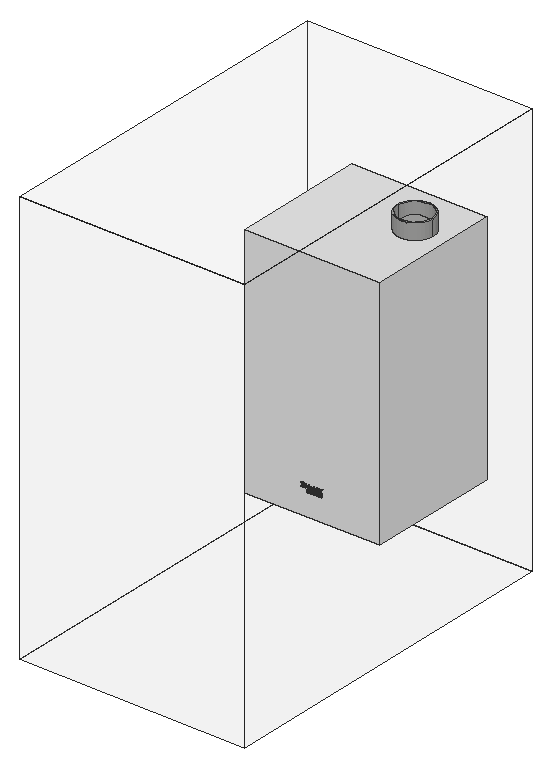
Revit family "Quinta Ace 135kW LOD 3", category Mechanical Equipment, Revit 2020
Family settings
  Round Connector Dimension = Use Radius
  Part Type = Normal
  OmniClass Number = 23.75.10.11.14.14
  OmniClass Title = Condensing Boilers
  Work Plane-Based = No
  Always vertical = Yes
  Cut with Voids When Loaded = No
  Shared = No
  Room Calculation Point = No
Parameters (values of type "135kW")
  Weekly = "0"
  Water Treatment Required = yes
  Water Content = 17.0 L
  Warranty ID = ""
  Voltage = 230 V
  Uniclass2015 = "Pr_60_60_08"
  URL = ""
  Type = "Space heating"
  Turndown Ratio = "5:1"
  Supply Phase = 1
  Starting Current = 0 A
  Sound Pressure Level = "59.5 dBA"
  Shipping Weight = 0.00 kg
  Shape = "Rectangular (Vertical)"
  Safety Valve Connection Type = ""
  Safety Valve Connection Size = 0 mm
  Responsible Sourcing of Materials = "N/A"
  Responsible Extraction of Materials = "N/A"
  Reference Standard = "EU/2016/426 GAR, EN 15502-1, EN 15502-2"
  Rated Output = 136100 W
  Rated Criteria = "50/30"
  Quarterly = "0"
  Product Range = "Quinta Ace 135"
  Product Model Number = "7780036"
  Product Literature = "https://www.remeha.co.uk/product-documents/current-literature"
  Primary Fuel = "Gas - NG"
  Overall Width = 600 mm
  Overall Length = 602 mm
  Overall Height = 1045 mm
  Optional Fuel = "Gas - LPG"
  Operation and Maintenance Manual = "https://www.remeha.co.uk/product-documents/current-literature"
  Oil Consumption rate = 0
  Nominal Oil Inlet Pressure = 0.0 bar
  Nominal Gas Inlet Pressure = 0.017 bar
  NOx Emissions = "24 mg/kWh"
  Mounting = "Wall Mounted"
  Monthly = "0"
  Model = ""
  Minimum Power Consumption = 5.3 W
  Minimum Operating Pressure = 0.8 bar
  Minimum Oil Inlet Pressure = 0.0 bar
  Minimum Gas Inlet Pressure = 0.017 bar
  Minimum Flow Rate at 20C temperature differential = 1.53 L/s
  Minimum Flow Rate at 11C temperature differential = 0.0 L/s
  Maximum Power Consumption = 199 W
  Maximum Operating Pressure = 4.0 bar
  Maximum Oil Inlet Pressure = 0.0 bar
  Maximum Gas Inlet Pressure = 0.025 bar
  Material Ingredient Reporting = "N/A"
  Manufacturer Website = "https://www.remeha.co.uk/"
  Manufacturer = "Remeha Commercial"
  Maintenance Required 8001 to 12000hrs = "0"
  Maintenance Required 601 to 1000hrs = "0"
  Maintenance Required 4001 to 8000hrs = "0"
  Maintenance Required 301 to 600hrs = "0"
  Maintenance Required 2001 to 4000hrs = "0"
  Maintenance Required 1001 to 2000hrs = "0"
  Maintenance Required 0 to 300hrs = "0"
  Location of Manufacturer = "N/A"
  Life Cycle Analysis = "N/A"
  Interlocks = yes
  IfcExportType = "NOTDEFINED"  # constant formula
  IfcExportAs = "IfcBoilerType"  # constant formula
  IP Rating = "X1B"
  IK Rating = "0"
  Hydraulic Resistance at 20C temperature differential = 0.17 bar
  Hydraulic Resistance at 11C temperature differential = 0.0 bar
  Heater Operation = "Condensing"
  Heat Exchanger Material = "Aluminium"
  Gross Weight = 164.00 kg
  Green Guide for Specification = "N/A"
  Gas Consumption rate = "13.9 m3/h"
  Fuse Rating = 6.3 A
  Full Load Current = 0 A
  Fuel Connection Type = "Threaded"
  Fuel Connection Size = 25 mm
  Frequency = 50 Hz
  Flue or Air Intake Classification = "B23p, C13, C33, C53"
  Flue Connection size = 100 mm
  Flow and Return Connection Type = "Threaded"
  Flow and Return Connection Size = 32 mm
  Finish = "High Polish Gardner 60 GRAD 91EH"
  Features = "The Quinta Ace range is a market leading series of versatile, wall hung condensing boilers designed for space heating and hot water production"
  External Material = "Steel"
  Expected Life = "15"
  ErP Seasonal Efficiency = "0 %"
  ErP Rated Efficiency at Part Load = "98.02 %"
  ErP Rated Efficiency at Full Load = "93.60 %"
  ErP Energy Label = "0"
  Environmental Product Declaration = "N/A"
  Energy Technology List = ""
  Embodied Carbon = "N/A"
  Drain Connection Type = ""
  Drain Connection Size = 0 mm
  Description = ""
  Default Elevation = 0 mm
  Daily = "0"
  Control Type = "0 - 10V, Open Therm, Volt free enable, Direct boiler weather compensating control systems available from Remeha as optional extra's."
  Configuration = "Single boiler"
  Condensate Drain Type = "Plain"
  Condensate Drain Size = 32 mm
  Colour = "RAL 9016"
  Clearance Box Visibility [instance] = yes
  CE Mark = "0063CQ3781"
  Burner Control Type = "Modulating"
  Building Regulations Seasonal Efficiency = "97.18 %"
  Bespoke Timeframe = "0"
  BMS Links = yes
  Annually = "06-02"
  Air Inlet Connection Size = 150 mm
  Additional Technical Details = "Not Available"
  Access Clearance Top = 500 mm
  Access Clearance Right = 30 mm
  Access Clearance Rear = 0 mm
  Access Clearance Left = 30 mm
  Access Clearance Front = 1000 mm
  Access Clearance Bottom = 300 mm
  6 Monthly = "06-02"
Reference planes
  plane 1 "Center (Front/Back)": y = 0
  plane 2: z = 0
  plane 3 "Center (Left/Right)": x = 0
  plane 4: y = -602
  plane 5: x = -300
  plane 6: x = 300
  plane 7 "TOP": z = 1045
  plane 8: y = -226
  plane 9: z = 100
  plane 10: y = -80
  plane 11: x = 190
  plane 12: x = 60
  plane 13: x = -125
  plane 14: z = -40
  plane 15: x = 0
  plane 16: z = 1545
Forms (mm)
  Extrusion 1, solid, material "Color RGB 246-246-246"
    sketch origin (0, 0, 0) x (1, 0, 0) y (0, 1, 0)
      loop
        line (-300, -5) -> (-300, -602) -> (300, -602) -> (300, -5) -> (-300, -5)
    from 0 to 1045
  Extrusion 2, solid, material "Color RAL 9004"
    sketch origin (0, 0, 5) x (1, 0, 0) y (0, 0, 1)
      loop
        line (-46.416, 127.175) -> (-46.416, 125.659) -> (46.416, 125.659) -> (46.416, 127.175) -> (-46.416, 127.175)
      loop
        line (-46.416, 108.987) -> (46.416, 108.987) -> (46.416, 110.503) -> (-46.416, 110.503) -> (-46.416, 108.987)
      loop
        line (-42.903, 123.33) -> (-42.903, 112.123) -> (-31.533, 112.123) -> (-31.533, 116.521) -> (-28.877, 116.521)
        arc (-28.877, 116.521) -> (-27.757, 116.01) -> (-27.407, 114.83) r 1.484
        arc (-27.407, 114.83) -> (-27.407, 113.45) -> (-27.027, 112.123) r 4.959
        line (-27.027, 112.123) -> (-24.82, 112.123)
        arc (-24.82, 112.123) -> (-25.1, 113.72) -> (-25.186, 115.339) r 13.512
        arc (-25.186, 115.339) -> (-25.591, 116.649) -> (-26.676, 117.488) r 2.274
        arc (-26.676, 117.488) -> (-24.74, 120.841) -> (-27.706, 123.33) r 3.011
        line (-27.706, 123.33) -> (-31.533, 123.33) -> (-42.903, 123.33)
      loop
        line (-31.533, 121.399) -> (-31.533, 118.337) -> (-28.473, 118.337)
        arc (-28.473, 118.337) -> (-27.841, 118.567) -> (-27.505, 119.149) r 0.983
        arc (-27.505, 119.149) -> (-27.331, 119.919) -> (-27.523, 120.684) r 1.703
        arc (-27.523, 120.684) -> (-28.046, 121.207) -> (-28.761, 121.399) r 1.43
        line (-28.761, 121.399) -> (-31.533, 121.399)
      loop
        line (-40.843, 121.399) -> (-40.843, 114.205) -> (-33.65, 114.205) -> (-33.65, 121.399) -> (-40.843, 121.399)
      loop
        line (-13.743, 120.416) -> (-15.868, 120.416) -> (-15.868, 112.123) -> (-13.577, 112.123) -> (-13.577, 116.58)
        arc (-13.577, 116.58) -> (-13.157, 117.792) -> (-12.076, 118.483) r 1.957
        arc (-12.076, 118.483) -> (-11.303, 118.511) -> (-10.58, 118.237) r 1.957
        line (-10.58, 118.237) -> (-10.58, 120.621)
        arc (-10.58, 120.621) -> (-12.467, 120.369) -> (-13.743, 118.956) r 2.762
        line (-13.743, 118.956) -> (-13.743, 120.416)
      loop
        line (-7.789, 115.795) -> (-1.936, 115.795)
        arc (-1.936, 115.795) -> (-6.013, 120.608) -> (-9.946, 115.677) r 4.082
        arc (-9.946, 115.677) -> (-6.411, 111.987) -> (-2.113, 114.751) r 4.018
        line (-2.113, 114.751) -> (-4.098, 114.751)
        arc (-4.098, 114.751) -> (-6.402, 113.655) -> (-7.789, 115.795) r 1.935
      loop
        line (-7.801, 117.183) -> (-4.102, 117.183)
        arc (-4.102, 117.183) -> (-5.952, 119.032) -> (-7.801, 117.183) r 1.85
      loop
        line (2.027, 119.255) -> (2.027, 120.45) -> (-0.1, 120.45) -> (-0.1, 112.285) -> (2.116, 112.285) -> (2.116, 117.483)
        arc (2.116, 117.483) -> (3.572, 118.94) -> (5.029, 117.483) r 1.456
        line (5.029, 117.483) -> (5.029, 112.285) -> (7.246, 112.285) -> (7.246, 117.483)
        arc (7.246, 117.483) -> (8.674, 118.911) -> (10.101, 117.483) r 1.428
        line (10.101, 117.483) -> (10.101, 112.285) -> (12.287, 112.285) -> (12.287, 117.644)
        arc (12.287, 117.644) -> (12.323, 118.52) -> (11.989, 119.331) r 2.045
        arc (11.989, 119.331) -> (9.434, 120.668) -> (6.878, 119.331) r 3.111
        arc (6.878, 119.331) -> (4.43, 120.693) -> (2.027, 119.255) r 2.802
      loop
        line (16.422, 115.795) -> (22.276, 115.795)
        arc (22.276, 115.795) -> (18.199, 120.608) -> (14.266, 115.677) r 4.082
        arc (14.266, 115.677) -> (17.8, 111.987) -> (22.098, 114.751) r 4.018
        line (22.098, 114.751) -> (20.113, 114.751)
        arc (20.113, 114.751) -> (17.81, 113.655) -> (16.422, 115.795) r 1.935
      loop
        line (16.41, 117.183) -> (20.11, 117.183)
        arc (20.11, 117.183) -> (18.26, 119.032) -> (16.41, 117.183) r 1.85
      loop
        line (26.317, 123.525) -> (23.979, 123.525) -> (23.979, 112.327) -> (26.317, 112.327) -> (26.317, 117.183)
        arc (26.317, 117.183) -> (27.866, 119.09) -> (29.415, 117.183) r 1.583
        line (29.415, 117.183) -> (29.415, 112.327) -> (31.727, 112.327) -> (31.727, 117.881)
        arc (31.727, 117.881) -> (29.578, 120.682) -> (26.317, 119.331) r 2.9
        line (26.317, 119.331) -> (26.317, 123.525)
      loop
        line (33.711, 117.9) -> (35.954, 117.9)
        arc (35.954, 117.9) -> (36.198, 118.629) -> (36.846, 119.042) r 1.152
        arc (36.846, 119.042) -> (37.559, 119.157) -> (38.277, 119.073) r 2.636
        arc (38.277, 119.073) -> (38.91, 118.326) -> (38.417, 117.481) r 0.848
        arc (38.417, 117.481) -> (37.264, 117.112) -> (36.057, 117.022) r 5.146
        arc (36.057, 117.022) -> (34.875, 116.787) -> (33.935, 116.033) r 2.534
        arc (33.935, 116.033) -> (33.415, 114.355) -> (34.112, 112.742) r 2.534
        arc (34.112, 112.742) -> (35.55, 112.168) -> (37.098, 112.144) r 4.27
        arc (37.098, 112.144) -> (38.234, 112.523) -> (38.91, 113.51) r 1.879
        arc (38.91, 113.51) -> (38.985, 112.9) -> (39.165, 112.312) r 3.528
        line (39.165, 112.312) -> (41.395, 112.312)
        arc (41.395, 112.312) -> (41.147, 113.134) -> (41.063, 113.988) r 4.397
        line (41.063, 113.988) -> (41.063, 118.62)
        arc (41.063, 118.62) -> (40.522, 119.926) -> (39.215, 120.467) r 1.847
        arc (39.215, 120.467) -> (37.546, 120.653) -> (35.877, 120.467) r 7.57
        arc (35.877, 120.467) -> (34.364, 119.547) -> (33.711, 117.9) r 2.784
      loop
        arc (35.732, 115.074) -> (35.743, 114.342) -> (36.205, 113.774) r 1.116
        arc (36.205, 113.774) -> (36.963, 113.597) -> (37.732, 113.722) r 2.007
        arc (37.732, 113.722) -> (38.547, 114.355) -> (38.856, 115.34) r 1.727
        line (38.856, 115.34) -> (38.856, 116.532)
        arc (38.856, 116.532) -> (38.208, 116.031) -> (37.394, 115.941) r 1.515
        arc (37.394, 115.941) -> (36.418, 115.785) -> (35.732, 115.074) r 1.56
      loop
        arc (-21.071, 103.203) -> (-21.896, 102.861) -> (-22.238, 102.036) r 1.166
        line (-22.238, 102.036) -> (-22.238, 96.791)
        arc (-22.238, 96.791) -> (-21.896, 95.966) -> (-21.071, 95.624) r 1.166
        line (-21.071, 95.624) -> (-16.378, 95.624) -> (-15.322, 93.704) -> (-13.784, 94.55) -> (-14.549, 95.941) -> (-14.549, 102.036)
        arc (-14.549, 102.036) -> (-14.89, 102.861) -> (-15.715, 103.203) r 1.166
        line (-15.715, 103.203) -> (-21.071, 103.203)
      loop
        arc (-19.678, 101.897) -> (-20.503, 101.555) -> (-20.844, 100.731) r 1.166
        line (-20.844, 100.731) -> (-20.844, 98.199)
        arc (-20.844, 98.199) -> (-20.503, 97.374) -> (-19.678, 97.032) r 1.166
        line (-19.678, 97.032) -> (-17.147, 97.032)
        arc (-17.147, 97.032) -> (-16.322, 97.374) -> (-15.981, 98.198) r 1.166
        line (-15.981, 98.198) -> (-15.981, 100.731)
        arc (-15.981, 100.731) -> (-16.322, 101.555) -> (-17.147, 101.897) r 1.166
        line (-17.147, 101.897) -> (-19.678, 101.897)
      loop
        arc (-13.898, 96.791) -> (-13.556, 95.966) -> (-12.731, 95.624) r 1.166
        line (-12.731, 95.624) -> (-6.758, 95.624)
        arc (-6.758, 95.624) -> (-5.933, 95.966) -> (-5.592, 96.791) r 1.166
        line (-5.592, 96.791) -> (-5.592, 103.203) -> (-7.393, 103.203) -> (-7.393, 98.198)
        arc (-7.393, 98.198) -> (-7.735, 97.374) -> (-8.559, 97.032) r 1.166
        line (-8.559, 97.032) -> (-10.93, 97.032)
        arc (-10.93, 97.032) -> (-11.755, 97.374) -> (-12.097, 98.199) r 1.166
        line (-12.097, 98.199) -> (-12.097, 103.203) -> (-13.898, 103.203) -> (-13.898, 96.791)
      loop
        line (-0.567, 102.931) -> (-0.567, 95.941) -> (1.033, 95.941) -> (1.033, 101.182) -> (3.477, 95.941) -> (5.842, 95.941) -> (5.842, 102.931) -> (4.241, 102.931) -> (4.241, 97.69) -> (1.797, 102.931) -> (-0.567, 102.931)
      loop
        line (11.722, 101.262) -> (14.501, 101.262) -> (14.501, 102.931) -> (7.191, 102.931) -> (7.191, 101.262) -> (9.97, 101.262) -> (9.97, 95.941) -> (11.722, 95.941) -> (11.722, 101.262)
      loop
        line (17.463, 102.931) -> (13.679, 95.941) -> (16.034, 95.941) -> (16.793, 97.374) -> (20.952, 97.374) -> (21.711, 95.941) -> (24.261, 95.941) -> (20.254, 102.931) -> (17.463, 102.931)
      loop
        line (18.854, 101.309) -> (17.502, 98.684) -> (20.244, 98.684) -> (18.854, 101.309)
      loop
        line (-2.215, 103.203) -> (-4.016, 103.203) -> (-4.016, 95.624) -> (-2.215, 95.624) -> (-2.215, 103.203)
      loop
        line (30.466, 102.198) -> (27.184, 96.136) -> (29.227, 96.136) -> (30.008, 97.654) -> (32.667, 97.654) -> (33.449, 96.136) -> (35.419, 96.136) -> (32.21, 102.198) -> (30.466, 102.198)
      loop
        line (31.338, 100.792) -> (30.253, 98.684) -> (32.454, 98.684) -> (31.338, 100.792)
      loop
        line (39.995, 100.465) -> (39.995, 102.198) -> (38.262, 102.198)
        arc (38.262, 102.198) -> (35.231, 99.167) -> (38.262, 96.136) r 3.031
        line (38.262, 96.136) -> (39.995, 96.136) -> (39.995, 97.869) -> (38.245, 97.869)
        arc (38.245, 97.869) -> (36.947, 99.167) -> (38.245, 100.465) r 1.298
        line (38.245, 100.465) -> (39.995, 100.465)
      loop
        line (41.615, 102.198) -> (41.615, 96.136) -> (44.647, 96.136) -> (44.647, 97.348) -> (42.828, 97.348) -> (42.828, 98.561) -> (44.647, 98.561) -> (44.647, 99.773) -> (42.828, 99.773) -> (42.828, 100.986) -> (44.647, 100.986) -> (44.647, 102.198) -> (41.615, 102.198)
    from 600.389 to 603.257
  Extrusion 3, solid, material "Color RGB 127-118-121"
    sketch origin (0, 0, 0) x (0, 1, 0) y (0, 0, 1)
      loop
        line (-5, 1035.5) -> (-5, 1010.5) -> (-2, 1010.5) -> (-2, 989.5) -> (0, 989.5) -> (0, 1012.5) -> (-3, 1012.5) -> (-3, 1035.5) -> (-5, 1035.5)
    from -270 to 270
  Extrusion 4, void
    sketch origin (0, 0, 0) x (1, 0, 0) y (0, 0, 1)
      loop
        line (233.5, 1005) -> (233.5, 998)
        arc (233.5, 998) -> (236, 995.5) -> (238.5, 998) r 2.5
        line (238.5, 998) -> (238.5, 1005)
        arc (238.5, 1005) -> (236, 1007.5) -> (233.5, 1005) r 2.5
      loop
        line (17.5, 1005) -> (17.5, 998)
        arc (17.5, 998) -> (20, 995.5) -> (22.5, 998) r 2.5
        line (22.5, 998) -> (22.5, 1005)
        arc (22.5, 1005) -> (20, 1007.5) -> (17.5, 1005) r 2.5
      loop
        arc (-233.5, 1005) -> (-236, 1007.5) -> (-238.5, 1005) r 2.5
        line (-238.5, 1005) -> (-238.5, 998)
        arc (-238.5, 998) -> (-236, 995.5) -> (-233.5, 998) r 2.5
        line (-233.5, 998) -> (-233.5, 1005)
      loop
        arc (-17.5, 1005) -> (-20, 1007.5) -> (-22.5, 1005) r 2.5
        line (-22.5, 1005) -> (-22.5, 998)
        arc (-22.5, 998) -> (-20, 995.5) -> (-17.5, 998) r 2.5
        line (-17.5, 998) -> (-17.5, 1005)
    from -6.013 to 3.638
  Extrusion 5, solid, material "Color RGB 246-246-246", detail levels fine
    sketch origin (0, 0, 0) x (1, 0, 0) y (0, 1, 0)
      loop
        circle (190, -80) r 12.5
      loop
        circle (60, -80) r 16
      loop
        circle (-125, -80) r 16
      loop
        circle (0, -80) r 16
    from -40 to 0
  Extrusion 6, solid
    sketch origin (-148, 155.443, 1200) x (0, 1, 0) y (0, 0, 1)
      loop
        line (-158.443, -187.5) -> (-158.443, -164.5) -> (-160.443, -164.5) -> (-160.443, -189.5) -> (-157.443, -189.5) -> (-157.443, -210.5) -> (-155.443, -210.5) -> (-155.443, -187.5) -> (-158.443, -187.5)
    from -122 to 418
  Extrusion 7, solid
    sketch origin (0, 0, 0) x (1, 0, 0) y (0, 1, 0)
      loop
        circle (157, -226) r 80
      loop
        circle (157, -226) r 75
    from 1015 to 1112.631
  Extrusion 8, solid, material "Glass - Clear - Amber", visible <- "Clearance Box Visibility"
    sketch origin (0, 0, 0) x (0, 1, 0) y (0, 0, 1)
      loop
        line (0, 1545) -> (-1600, 1545) -> (-1600, -300) -> (0, -300) -> (0, 1545)
    from -500 to 500
  Extrusion 9, solid
    sketch origin (0, 0, 1045) x (0, 1, 0) y (-1, 0, 0)
      loop
        circle (-226, -157) r 55
    from 0 to 25
Cuts and joins
  Extrusion 4 cuts Extrusion 3
Dimensions and locks
  plane 4 to plane 1 "Center (Front/Back)" = 602 mm
  plane 5 to plane 6 = 600 mm
  equal spacing: plane 5, plane 3 "Center (Left/Right)", plane 6
  plane 7 "TOP" to level = 1045 mm
  radius of Extrusion 5 sketch curve = 12.5 mm
  radius of Extrusion 5 sketch curve = 16 mm  (x2)
  aligned and locked: level to plane 2
  aligned and locked: Extrusion 5 to plane 14
Automatic sketch dimensions
  Extrusion 1 sketch curve to plane 4 = 0 mm
  Extrusion 1 sketch curve to plane 5 = 0 mm
  Extrusion 1 sketch curve to plane 6 = 0 mm
  plane 1 "Center (Front/Back)" to Extrusion 1 sketch curve = 5 mm
  Extrusion 3 sketch curve to plane 1 "Center (Front/Back)" = 0 mm
  plane 1 "Center (Front/Back)" to Extrusion 3 sketch curve = 2 mm
  plane 1 "Center (Front/Back)" to Extrusion 3 sketch curve = 3 mm
  Extrusion 3 sketch curve to Extrusion 3 sketch curve = 2 mm  (x2)
  Extrusion 3 sketch curve to plane 7 "TOP" = 55.5 mm
  Extrusion 3 sketch curve to Extrusion 3 sketch curve = 23 mm
  Extrusion 3 sketch curve to plane 7 "TOP" = 9.5 mm
  plane 5 to Extrusion 4 sketch curve = 61.5 mm
  Extrusion 4 sketch curve to Extrusion 4 sketch curve = 2.5 mm  (x4)
  Extrusion 4 sketch curve to plane 3 "Center (Left/Right)" = 22.5 mm
  plane 3 "Center (Left/Right)" to Extrusion 4 sketch curve = 17.5 mm
  Extrusion 4 sketch curve to plane 6 = 66.5 mm
  Extrusion 4 sketch curve to plane 7 "TOP" = 47 mm  (x3)
  Extrusion 4 sketch curve to Extrusion 4 sketch curve = 0 mm
  Extrusion 4 sketch curve to Extrusion 4 sketch curve = 7 mm  (x4)
  Extrusion 6 sketch curve to plane 1 "Center (Front/Back)" = 0 mm
  plane 1 "Center (Front/Back)" to Extrusion 6 sketch curve = 2 mm
  plane 1 "Center (Front/Back)" to Extrusion 6 sketch curve = 3 mm
  Extrusion 6 sketch curve to Extrusion 6 sketch curve = 2 mm  (x2)
  Extrusion 6 sketch curve to plane 7 "TOP" = 55.5 mm
  Extrusion 6 sketch curve to Extrusion 6 sketch curve = 21 mm
  Extrusion 6 sketch curve to plane 7 "TOP" = 9.5 mm
  Extrusion 7 sketch curve to Extrusion 7 sketch curve = 0 mm  (x2)
  Extrusion 7 sketch curve to plane 8 = 0 mm
  Extrusion 7 sketch curve to plane 11 = 33 mm
  plane 10 to Extrusion 5 sketch curve = 0 mm  (x4)
  Extrusion 5 sketch curve to plane 13 = 0 mm
  Extrusion 5 sketch curve to plane 3 "Center (Left/Right)" = 0 mm
  Extrusion 5 sketch curve to plane 12 = 0 mm
  Extrusion 5 sketch curve to plane 11 = 0 mm
  Extrusion 8 sketch curve to level = 300 mm
  plane 16 to Extrusion 8 sketch curve = 0 mm
  Extrusion 8 sketch curve to plane 4 = 998 mm
  Extrusion 8 sketch curve to plane 1 "Center (Front/Back)" = 0 mm
  Extrusion 9 sketch curve to plane 11 = 33 mm
  Extrusion 9 sketch curve to plane 8 = 0 mm
  Extrusion 2 sketch curve to Extrusion 2 sketch curve = 0 mm  (x29)
  Extrusion 2 sketch curve to plane 3 "Center (Left/Right)" = 46.416 mm
  Extrusion 2 sketch curve to Extrusion 2 sketch curve = 3.512 mm
  Extrusion 2 sketch curve to Extrusion 2 sketch curve = 2.061 mm
  Extrusion 2 sketch curve to Extrusion 2 sketch curve = 7.192 mm
  Extrusion 2 sketch curve to Extrusion 2 sketch curve = 2.118 mm  (x2)
  Extrusion 2 sketch curve to Extrusion 2 sketch curve = 2.498 mm
  Extrusion 2 sketch curve to Extrusion 2 sketch curve = 2.656 mm
  Extrusion 2 sketch curve to Extrusion 2 sketch curve = 0.273 mm
  Extrusion 2 sketch curve to Extrusion 2 sketch curve = 0.288 mm
  Extrusion 2 sketch curve to Extrusion 2 sketch curve = 1.055 mm
  Extrusion 2 sketch curve to Extrusion 2 sketch curve = 1.417 mm
  Extrusion 2 sketch curve to Extrusion 2 sketch curve = 0.433 mm
  Extrusion 2 sketch curve to Extrusion 2 sketch curve = 2.207 mm
  Extrusion 2 sketch curve to Extrusion 2 sketch curve = 2.323 mm
  Extrusion 2 sketch curve to Extrusion 2 sketch curve = 2.583 mm
  Extrusion 2 sketch curve to Extrusion 2 sketch curve = 1.166 mm  (x6)
  Extrusion 2 sketch curve to Extrusion 2 sketch curve = 0.227 mm
  Extrusion 2 sketch curve to Extrusion 2 sketch curve = 1.393 mm  (x2)
  Extrusion 2 sketch curve to Extrusion 2 sketch curve = 2.531 mm  (x2)
  Extrusion 2 sketch curve to Extrusion 2 sketch curve = 0.768 mm
  Extrusion 2 sketch curve to Extrusion 2 sketch curve = 6.628 mm
  Extrusion 2 sketch curve to Extrusion 2 sketch curve = 0.266 mm
  Extrusion 2 sketch curve to Extrusion 2 sketch curve = 1.056 mm
  Extrusion 2 sketch curve to Extrusion 2 sketch curve = 1.829 mm
  Extrusion 2 sketch curve to Extrusion 2 sketch curve = 0.651 mm
  Extrusion 2 sketch curve to Extrusion 2 sketch curve = 0.765 mm
  Extrusion 2 sketch curve to Extrusion 2 sketch curve = 2.125 mm
  Extrusion 2 sketch curve to Extrusion 2 sketch curve = 2.291 mm
  Extrusion 2 sketch curve to Extrusion 2 sketch curve = 1.053 mm
  Extrusion 2 sketch curve to Extrusion 2 sketch curve = 0.635 mm  (x2)
  Extrusion 2 sketch curve to Extrusion 2 sketch curve = 1.902 mm
  Extrusion 2 sketch curve to Extrusion 2 sketch curve = 0.054 mm
  Extrusion 2 sketch curve to Extrusion 2 sketch curve = 0.44 mm
  Extrusion 2 sketch curve to Extrusion 2 sketch curve = 0.601 mm
  Extrusion 2 sketch curve to Extrusion 2 sketch curve = 2.371 mm
  Extrusion 2 sketch curve to Extrusion 2 sketch curve = 2.778 mm
  Extrusion 2 sketch curve to Extrusion 2 sketch curve = 0.012 mm  (x2)
  Extrusion 2 sketch curve to Extrusion 2 sketch curve = 4.704 mm
  Extrusion 2 sketch curve to Extrusion 2 sketch curve = 1.849 mm  (x2)
  Extrusion 2 sketch curve to Extrusion 2 sketch curve = 0.001 mm  (x2)
  Extrusion 2 sketch curve to Extrusion 2 sketch curve = 0.013 mm  (x2)
  Extrusion 2 sketch curve to Extrusion 2 sketch curve = 0.065 mm  (x2)
  Extrusion 2 sketch curve to Extrusion 2 sketch curve = 1.801 mm  (x2)
  Extrusion 2 sketch curve to Extrusion 2 sketch curve = 1.776 mm  (x2)
  Extrusion 2 sketch curve to Extrusion 2 sketch curve = 1.576 mm
  Extrusion 2 sketch curve to Extrusion 2 sketch curve = 1.985 mm  (x2)
  Extrusion 2 sketch curve to Extrusion 2 sketch curve = 0.177 mm  (x2)
  Extrusion 2 sketch curve to plane 3 "Center (Left/Right)" = 0.567 mm
  Extrusion 2 sketch curve to plane 3 "Center (Left/Right)" = 0.1 mm
  plane 3 "Center (Left/Right)" to Extrusion 2 sketch curve = 1.033 mm
  plane 3 "Center (Left/Right)" to Extrusion 2 sketch curve = 1.797 mm
  plane 3 "Center (Left/Right)" to Extrusion 2 sketch curve = 2.027 mm
  plane 3 "Center (Left/Right)" to Extrusion 2 sketch curve = 2.116 mm
  Extrusion 2 sketch curve to Extrusion 2 sketch curve = 2.444 mm
  Extrusion 2 sketch curve to Extrusion 2 sketch curve = 1.456 mm
  Extrusion 2 sketch curve to Extrusion 2 sketch curve = 0.764 mm
  Extrusion 2 sketch curve to Extrusion 2 sketch curve = 0.554 mm
  Extrusion 2 sketch curve to Extrusion 2 sketch curve = 1.6 mm
  Extrusion 2 sketch curve to Extrusion 2 sketch curve = 1.349 mm
  Extrusion 2 sketch curve to Extrusion 2 sketch curve = 2.218 mm
  Extrusion 2 sketch curve to Extrusion 2 sketch curve = 1.428 mm
  Extrusion 2 sketch curve to Extrusion 2 sketch curve = 0.668 mm
  Extrusion 2 sketch curve to Extrusion 2 sketch curve = 2.779 mm  (x2)
  Extrusion 2 sketch curve to Extrusion 2 sketch curve = 0.208 mm
  Extrusion 2 sketch curve to Extrusion 2 sketch curve = 1.752 mm
  Extrusion 2 sketch curve to Extrusion 2 sketch curve = 1.977 mm
  Extrusion 2 sketch curve to Extrusion 2 sketch curve = 1.957 mm
  Extrusion 2 sketch curve to Extrusion 2 sketch curve = 2.355 mm
  Extrusion 2 sketch curve to Extrusion 2 sketch curve = 4.124 mm
  Extrusion 2 sketch curve to Extrusion 2 sketch curve = 0.759 mm  (x2)
  Extrusion 2 sketch curve to Extrusion 2 sketch curve = 2.962 mm
  Extrusion 2 sketch curve to Extrusion 2 sketch curve = 0.709 mm  (x2)
  Extrusion 2 sketch curve to Extrusion 2 sketch curve = 1.39 mm
  Extrusion 2 sketch curve to Extrusion 2 sketch curve = 2.742 mm
  Extrusion 2 sketch curve to Extrusion 2 sketch curve = 1.4 mm
  Extrusion 2 sketch curve to Extrusion 2 sketch curve = 3.87 mm
  Extrusion 2 sketch curve to Extrusion 2 sketch curve = 2.549 mm
  Extrusion 2 sketch curve to Extrusion 2 sketch curve = 2.337 mm  (x2)
  Extrusion 2 sketch curve to Extrusion 2 sketch curve = 2.923 mm
  Extrusion 2 sketch curve to Extrusion 2 sketch curve = 1.549 mm
  Extrusion 2 sketch curve to Extrusion 2 sketch curve = 0.962 mm
  Extrusion 2 sketch curve to Extrusion 2 sketch curve = 2.043 mm
  Extrusion 2 sketch curve to Extrusion 2 sketch curve = 0.587 mm
  Extrusion 2 sketch curve to Extrusion 2 sketch curve = 0.782 mm  (x2)
  Extrusion 2 sketch curve to Extrusion 2 sketch curve = 0.244 mm
  Extrusion 2 sketch curve to Extrusion 2 sketch curve = 0.214 mm  (x2)
  Extrusion 2 sketch curve to Extrusion 2 sketch curve = 0.872 mm  (x2)
  Extrusion 2 sketch curve to Extrusion 2 sketch curve = 2.312 mm
  Extrusion 2 sketch curve to Extrusion 2 sketch curve = 2.202 mm
  Extrusion 2 sketch curve to Extrusion 2 sketch curve = 0.213 mm
  Extrusion 2 sketch curve to Extrusion 2 sketch curve = 1.984 mm
  Extrusion 2 sketch curve to Extrusion 2 sketch curve = 1.97 mm
  Extrusion 2 sketch curve to Extrusion 2 sketch curve = 2.234 mm
  Extrusion 2 sketch curve to Extrusion 2 sketch curve = 2.242 mm
  Extrusion 2 sketch curve to Extrusion 2 sketch curve = 0.328 mm
  Extrusion 2 sketch curve to Extrusion 2 sketch curve = 0.434 mm
  Extrusion 2 sketch curve to Extrusion 2 sketch curve = 0.538 mm
  Extrusion 2 sketch curve to Extrusion 2 sketch curve = 0.846 mm  (x2)
  Extrusion 2 sketch curve to Extrusion 2 sketch curve = 0.24 mm
  Extrusion 2 sketch curve to Extrusion 2 sketch curve = 0.311 mm
  Extrusion 2 sketch curve to Extrusion 2 sketch curve = 0.615 mm
  Extrusion 2 sketch curve to Extrusion 2 sketch curve = 0.098 mm
  Extrusion 2 sketch curve to Extrusion 2 sketch curve = 0.037 mm
  Extrusion 2 sketch curve to Extrusion 2 sketch curve = 0.443 mm
  Extrusion 2 sketch curve to Extrusion 2 sketch curve = 0.585 mm
  Extrusion 2 sketch curve to Extrusion 2 sketch curve = 0.535 mm
  Extrusion 2 sketch curve to Extrusion 2 sketch curve = 0.424 mm
  Extrusion 2 sketch curve to Extrusion 2 sketch curve = 2.826 mm
  Extrusion 2 sketch curve to Extrusion 2 sketch curve = 0.017 mm
  Extrusion 2 sketch curve to Extrusion 2 sketch curve = 1.239 mm
  Extrusion 2 sketch curve to Extrusion 2 sketch curve = 1.619 mm
  Extrusion 2 sketch curve to Extrusion 2 sketch curve = 1.151 mm
  Extrusion 2 sketch curve to Extrusion 2 sketch curve = 1.733 mm  (x3)
  Extrusion 2 sketch curve to Extrusion 2 sketch curve = 1.847 mm
  Extrusion 2 sketch curve to Extrusion 2 sketch curve = 0.332 mm
  Extrusion 2 sketch curve to Extrusion 2 sketch curve = 1.621 mm
  Extrusion 2 sketch curve to Extrusion 2 sketch curve = 1.374 mm
  Extrusion 2 sketch curve to Extrusion 2 sketch curve = 1.212 mm  (x5)
  Extrusion 2 sketch curve to Extrusion 2 sketch curve = 1.819 mm  (x2)
  Extrusion 2 sketch curve to Extrusion 2 sketch curve = 3.024 mm
  Extrusion 2 sketch curve to Extrusion 2 sketch curve = 5.353 mm
  Extrusion 2 sketch curve to Extrusion 2 sketch curve = 0.956 mm
  Extrusion 2 sketch curve to plane 9 = 1.296 mm
  Extrusion 2 sketch curve to Extrusion 2 sketch curve = 1.075 mm
  Extrusion 2 sketch curve to Extrusion 2 sketch curve = 0.316 mm
  Extrusion 2 sketch curve to Extrusion 2 sketch curve = 0.195 mm
  Extrusion 2 sketch curve to Extrusion 2 sketch curve = 0.241 mm  (x2)
  Extrusion 2 sketch curve to Extrusion 2 sketch curve = 1.433 mm
  Extrusion 2 sketch curve to Extrusion 2 sketch curve = 1.518 mm
  Extrusion 2 sketch curve to Extrusion 2 sketch curve = 1.749 mm  (x2)
  Extrusion 2 sketch curve to Extrusion 2 sketch curve = 1.309 mm
  Extrusion 2 sketch curve to Extrusion 2 sketch curve = 1.03 mm
  Extrusion 2 sketch curve to Extrusion 2 sketch curve = 1.298 mm
  Extrusion 2 sketch curve to Extrusion 2 sketch curve = 2.532 mm
  Extrusion 2 sketch curve to Extrusion 2 sketch curve = 2.108 mm
  Extrusion 2 sketch curve to Extrusion 2 sketch curve = 3.492 mm
  Extrusion 2 sketch curve to Extrusion 2 sketch curve = 5.321 mm
  Extrusion 2 sketch curve to Extrusion 2 sketch curve = 2.626 mm
  Extrusion 2 sketch curve to Extrusion 2 sketch curve = 1.306 mm
  Extrusion 2 sketch curve to Extrusion 2 sketch curve = 1.407 mm
  Extrusion 2 sketch curve to Extrusion 2 sketch curve = 1.669 mm
  Extrusion 2 sketch curve to Extrusion 2 sketch curve = 1.622 mm
  Extrusion 2 sketch curve to Extrusion 2 sketch curve = 0.272 mm
  Extrusion 2 sketch curve to Extrusion 2 sketch curve = 6.951 mm
  Extrusion 2 sketch curve to Extrusion 2 sketch curve = 1.516 mm  (x2)
  Extrusion 2 sketch curve to Extrusion 2 sketch curve = 8.92 mm
  Extrusion 2 sketch curve to Extrusion 2 sketch curve = 10.087 mm
  Extrusion 2 sketch curve to Extrusion 2 sketch curve = 9.354 mm
  Extrusion 2 sketch curve to Extrusion 2 sketch curve = 1.809 mm
  Extrusion 2 sketch curve to Extrusion 2 sketch curve = 9.396 mm
  Extrusion 2 sketch curve to Extrusion 2 sketch curve = 0.772 mm
  Extrusion 2 sketch curve to Extrusion 2 sketch curve = 0.354 mm
  Extrusion 2 sketch curve to Extrusion 2 sketch curve = 0.939 mm  (x2)
  Extrusion 2 sketch curve to Extrusion 2 sketch curve = 2.017 mm
  Extrusion 2 sketch curve to Extrusion 2 sketch curve = 2.082 mm
  Extrusion 2 sketch curve to Extrusion 2 sketch curve = 0.378 mm
  Extrusion 2 sketch curve to Extrusion 2 sketch curve = 0.089 mm
  Extrusion 2 sketch curve to Extrusion 2 sketch curve = 0.322 mm
  Extrusion 2 sketch curve to Extrusion 2 sketch curve = 2.466 mm
  Extrusion 2 sketch curve to Extrusion 2 sketch curve = 2.424 mm
  Extrusion 2 sketch curve to Extrusion 2 sketch curve = 2.913 mm
  Extrusion 2 sketch curve to Extrusion 2 sketch curve = 3.125 mm
  Extrusion 2 sketch curve to Extrusion 2 sketch curve = 0.524 mm
  Extrusion 2 sketch curve to Extrusion 2 sketch curve = 0.766 mm  (x2)
  Extrusion 2 sketch curve to Extrusion 2 sketch curve = 0.262 mm
  Extrusion 2 sketch curve to Extrusion 2 sketch curve = 0.459 mm  (x2)
  Extrusion 2 sketch curve to Extrusion 2 sketch curve = 0.751 mm
  Extrusion 2 sketch curve to Extrusion 2 sketch curve = 1.484 mm
  Extrusion 2 sketch curve to Extrusion 2 sketch curve = 0.918 mm
  Extrusion 2 sketch curve to Extrusion 2 sketch curve = 0.549 mm  (x2)
  Extrusion 2 sketch curve to Extrusion 2 sketch curve = 1.191 mm
  Extrusion 2 sketch curve to Extrusion 2 sketch curve = 1.332 mm
  Extrusion 2 sketch curve to Extrusion 2 sketch curve = 0.657 mm  (x2)
  Extrusion 2 sketch curve to Extrusion 2 sketch curve = 1.387 mm
  Extrusion 2 sketch curve to Extrusion 2 sketch curve = 0.914 mm
  Extrusion 2 sketch curve to Extrusion 2 sketch curve = 5.199 mm
  Extrusion 2 sketch curve to Extrusion 2 sketch curve = 0.324 mm
  Extrusion 2 sketch curve to Extrusion 2 sketch curve = 0.073 mm
  Extrusion 2 sketch curve to Extrusion 2 sketch curve = 0.16 mm
  Extrusion 2 sketch curve to Extrusion 2 sketch curve = 0.317 mm
  Extrusion 2 sketch curve to Extrusion 2 sketch curve = 0.698 mm
  Extrusion 2 sketch curve to Extrusion 2 sketch curve = 0.408 mm
  Extrusion 2 sketch curve to Extrusion 2 sketch curve = 0.019 mm
  Extrusion 2 sketch curve to Extrusion 2 sketch curve = 0.167 mm
  Extrusion 2 sketch curve to Extrusion 2 sketch curve = 0.312 mm
  Extrusion 2 sketch curve to Extrusion 2 sketch curve = 0.682 mm
  Extrusion 2 sketch curve to Extrusion 2 sketch curve = 0.817 mm
  Extrusion 2 sketch curve to Extrusion 2 sketch curve = 1.816 mm
  Extrusion 2 sketch curve to Extrusion 2 sketch curve = 0.367 mm
  Extrusion 2 sketch curve to Extrusion 2 sketch curve = 2.376 mm
  Extrusion 2 sketch curve to Extrusion 2 sketch curve = 1.772 mm
  Extrusion 2 sketch curve to Extrusion 2 sketch curve = 0.983 mm
  Extrusion 2 sketch curve to Extrusion 2 sketch curve = 0.579 mm
  Extrusion 2 sketch curve to Extrusion 2 sketch curve = 0.07 mm
  Extrusion 2 sketch curve to Extrusion 2 sketch curve = 0.349 mm
  Extrusion 2 sketch curve to Extrusion 2 sketch curve = 1.46 mm
  Extrusion 2 sketch curve to Extrusion 2 sketch curve = 1.195 mm
  Extrusion 2 sketch curve to Extrusion 2 sketch curve = 7.194 mm
  Extrusion 2 sketch curve to Extrusion 2 sketch curve = 1.696 mm
  Extrusion 2 sketch curve to Extrusion 2 sketch curve = 1.931 mm
  Extrusion 2 sketch curve to Extrusion 2 sketch curve = 4.194 mm
  Extrusion 2 sketch curve to Extrusion 2 sketch curve = 2.33 mm
  Extrusion 2 sketch curve to Extrusion 2 sketch curve = 0.183 mm
  Extrusion 2 sketch curve to Extrusion 2 sketch curve = 0.829 mm
  Extrusion 2 sketch curve to Extrusion 2 sketch curve = 0.896 mm
  Extrusion 2 sketch curve to Extrusion 2 sketch curve = 0.368 mm
  Extrusion 2 sketch curve to Extrusion 2 sketch curve = 0.224 mm
  Extrusion 2 sketch curve to Extrusion 2 sketch curve = 2.385 mm
  Extrusion 2 sketch curve to Extrusion 2 sketch curve = 0.331 mm
  Extrusion 2 sketch curve to Extrusion 2 sketch curve = 0.259 mm
  Extrusion 2 sketch curve to Extrusion 2 sketch curve = 0.26 mm
  Extrusion 2 sketch curve to Extrusion 2 sketch curve = 0.448 mm
  radius of Extrusion 7 sketch curve = 80 mm
  radius of Extrusion 7 sketch curve = 75 mm
  radius of Extrusion 5 sketch curve = 16 mm
  radius of Extrusion 9 sketch curve = 55 mm
Connectors
  piping at (190, -80, -40), diameter 25
    settings: on Extrusion 5, index 1, connector inside diameter 609.6 mm, connector length 0 mm, flow factor 0, pipe flow 0.0 L/s, pressure drop 0.0 bar, fitting loss kfactor 0, connector angle 0.00°, fixture units 0, engagement length 0 mm, angle of deflection 0.00°, flow configuration 1, flow direction 1, fitting loss method 0, system type 22, joint type 0, gender type 0, connector reference index -1, connector utility 0, adjustable connector no, is connector primary yes, connector description "Gas"
  piping at (60, -80, -40), diameter 32
    settings: on Extrusion 5, index 2, connector inside diameter 609.6 mm, connector length 0 mm, flow factor 0, pipe flow 0.0 L/s, pressure drop 0.0 bar, fitting loss kfactor 0, connector angle 0.00°, fixture units 0, engagement length 0 mm, angle of deflection 0.00°, flow configuration 0, flow direction 2, fitting loss method 0, system type 7, joint type 0, gender type 0, connector reference index -1, connector utility 0, adjustable connector no, is connector primary no, connector description "Hydronic Supply"
  piping at (0, -80, -40), diameter 32
    settings: on Extrusion 5, index 3, connector inside diameter 609.6 mm, connector length 0 mm, flow factor 0, pipe flow 0.0 L/s, pressure drop 0.0 bar, fitting loss kfactor 0, connector angle 0.00°, fixture units 0, engagement length 0 mm, angle of deflection 0.00°, flow configuration 3, flow direction 2, fitting loss method 0, system type 16, joint type 0, gender type 0, connector reference index -1, connector utility 0, adjustable connector no, is connector primary no, connector description "Drain"
  piping at (-125, -80, -40), diameter 32
    settings: on Extrusion 5, index 4, connector inside diameter 609.6 mm, connector length 0 mm, flow factor 0, pipe flow 0.0 L/s, pressure drop 0.0 bar, fitting loss kfactor 0, connector angle 0.00°, fixture units 0, engagement length 0 mm, angle of deflection 0.00°, flow configuration 1, flow direction 1, fitting loss method 0, system type 8, joint type 0, gender type 0, connector reference index -1, connector utility 0, adjustable connector no, is connector primary no, connector description "Hydronic Return"
  hvac at (157, -226, 1112.631)
    settings: on Extrusion 7, index 9, duct flow 0.0 L/s, flow factor 0, pres drop 0.0 bar, loss coef 0, conn angle 0.00°, conn width 304.8 mm, conn height 304.8 mm, conn diameter 150 mm, duct sys type 4, conn prof type 0, flow config 0, flow direction 0, loss method 0, conn ref index -1, conn util no, is conn primary yes, conn desc ""
